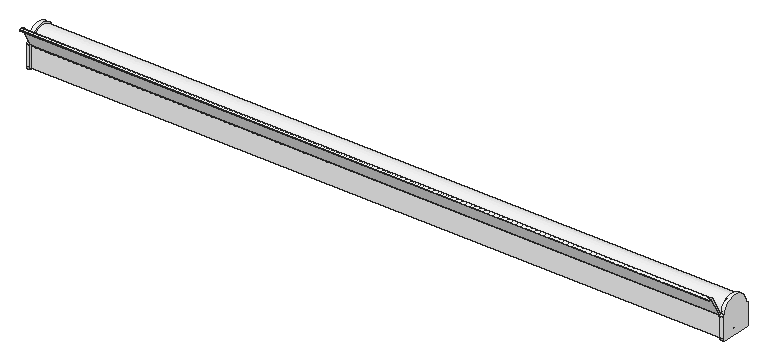
Revit family "0045181+0045236 Feilo Sylvania Lighting Fixture SYLBATTEN LED8 WW TP3 with ASYMMETRIC REFLECTOR ACCESSORY 1500MM", category Lighting Fixtures, host Face, Revit 2017
Family settings
  Host = Face
  Round Connector Dimension = Use Diameter
  Part Type = Normal
  OmniClass Number = 23.80.70.00
  OmniClass Title = Lighting
  Cut with Voids When Loaded = No
  Light Source = Yes
  Shared = No
  Room Calculation Point = No
Parameters (values of type "0045181 SYLBATTEN LED8 WW TP3")
  Width_FEILO = 66 mm
  Weight = "3.112 kg"
  Wattage Comments = "n/a"
  Wattage = 79 W
  WarrantyStartDate [instance] = "n/a"
  WarrantyGuarantorParts = "n/a"
  WarrantyDurationUnit = "n/a"
  WarrantyDurationParts = "n/a"
  WarrantyDescription = "n/a"
  built-in parameter 1150110 = 1 (stored number, unit not read)
  Voltage = 230 V
  URL = "http://www.sylvania-lighting.com"
  TypeName = "SYLBATTEN LED8 WW TP3"
  Type Image = <None>
  Type Comments = "n/a"
  built-in parameter 1114217 = 1 (stored number, unit not read)
  Tilt Angle = -90.00°
  built-in parameter 1150109 = 1 (stored number, unit not read)
  built-in parameter 1150134 = (empty or 0)
  SymReflector_FEILO = no
  built-in parameter 1150113 = 1 (stored number, unit not read)
  SerialNumber [instance] = "n/a"
  PowerFactor = 0
  PowerConsumption = "79 W"
  Photometric Web File = "0045181+0045236.ies"
  NominalLength = 1505 mm
  NominalHeight = 91 mm
  NominalDepth = 122 mm
  Name = "SYLBATTEN LED8 WW TP3"
  ModelReference = Name  # "SYLBATTEN LED8 WW TP3"
  ModelNumber = "0045181"
  Model = Name  # "SYLBATTEN LED8 WW TP3"
  Material_4_FEILO = Reflector-Sylvania-Sylbatten-White
  Material_3_FEILO = Diffuser-Sylvania-Sylbatten-Glow
  Material_2_FEILO = Body-Sylvania-Sylbatten-White
  Material_1_FEILO = Body-Sylvania-Sylbatten-White
  Material = "sheet steel housing, polycarbonate diffuser"
  ManufacturerName = "Feilo Sylvania"
  Manufacturer = "Feilo Sylvania"
  LuminousEfficacy = "91.89 lm/W"
  built-in parameter 1150105 = 577.68 (stored number, unit not read)
  Lumens = 7259.31 lm
  LuminaireType = ""
  built-in parameter 1150115 = 1 (stored number, unit not read)
  LightOutputRatio = "100"
  built-in parameter 1150137 = (empty or 0)
  built-in parameter 1150139 = (empty or 0)
  Length_FEILO = 1505 mm
  LampsType = Lamp  # "LED"
  LampNominalLuminous = "7260 lm"
  LampMacAdamStep = "n/a"
  LampColourTemperature = "3000 K"
  LampColourRenderingIndex = "80"
  built-in parameter 1150112 = 1 (stored number, unit not read)
  built-in parameter 1150114 = 1 (stored number, unit not read)
  Lamp = "LED"
  Keynote = "16500"
  InstallationDate [instance] = "n/a"
  InputVoltage = "220-240V~"
  InputNominalFrequency = "n/a"
  built-in parameter 1150132 = (empty or 0)
  built-in parameter 1150102 = (empty or 0)
  built-in parameter 1150107 = 3000 (stored number, unit not read)
  built-in parameter 1150138 = (empty or 0)
  IngressProtection = "IP20"
  ImpactProtectionIndex = "IK07"
  built-in parameter 1150106 = 5.7768 (stored number, unit not read)
  IfcExportType = "IfcLightFixtureType"
  IfcExportAs = "IfcLightFixtureType"
  Height_FEILO = 76 mm
  ExpectedLife = 50000
  Emit from Rectangle Width = Length_FEILO - 16 mm  # 1489 mm
  Emit from Rectangle Length = Width_FEILO - 40 mm  # 26 mm
  Emit Shape Visible in Rendering = no
  ElectricShockClassification = "Class I"
  built-in parameter 1150104 = 8.5369 (stored number, unit not read)
  DurationUnit = "hours"
  DocumentationLiterature = "http://www.sylvania-lighting.com/product/en-int/products/0045181"
  DimmingControlOptions = "n/a"
  Dimming Lamp Color Temperature Shift = <None>
  Description = "LED batten, T8 replacement, ease of installation through 2 part push-in design of the housing (safety cable included), through wiring capability (TP3 = 3 core), sheet steel, 7260M, 79W, 92lm/W, 3000K, drive current: 450mA, CRI 80, 138° wide beam angle, electronic driver (non dimmable), IP20, IK07, 50,000 hrs (L70), (LxWxH) 1505x66x76mm, 5 step MacAdam ellipse, 3.7kg, white RAL 9016, Class 1, 220-240V, energy class: A++, A+, A."
  Default Elevation = 1219.2 mm
  CreatedOn = "1/25/2018"
  CreatedBy = ""
  Cost = 0
  Color Filter = 16777215
  built-in parameter 1114216 [instance] = (empty or 0)
  ClassificationValue = "EF_70_80"
  ClassificationName = "Uniclass2015"
  CapOffset_FEILO = 2 mm
  BarCode [instance] = "n/a"
  built-in parameter 1114218 = 1 (stored number, unit not read)
  BackReflector_FEILO = and(not(AsymReflector_FEILO), SymReflector_FEILO)  # no
  built-in parameter 1150133 = 10 (stored number, unit not read)
  FrontReflector_FEILO = or(AsymReflector_FEILO, SymReflector_FEILO)  # yes
  AsymReflector_FEILO = yes
  AssetType = "Fixed"
  AssetIdentifier [instance] = "n/a"
  Assembly Code = "D5020200"
  Apparent Load = 79 VA
Reference planes
  plane 1 "Center (Front/Back)": y = 0
  plane 2: z = 0
  plane 3 "Center (Left/Right)": x = 0
  plane 4: x = 752.5
  plane 5: x = -752.5
  plane 6: y = 33
  plane 7: y = -33
  plane 8: z = 76
  plane 9: z = 47
  plane 10: y = -29
  plane 11: y = 29
  plane 12: z = 20
  plane 13: z = 74
  plane 14: y = -31
  plane 15: y = -27
  plane 16: y = 27
  plane 17: y = 31
  plane 18: z = 2
  plane 19: x = -744.5
  plane 20: x = 744.5
  plane 21: z = 49
  plane 22: y = 1
  plane 23: y = -1
  plane 24: z = 21
  plane 25: z = 19
  plane 26: y = -61
  plane 27: y = 61
  plane 28: y = -56
  plane 29: y = 56
  plane 30: z = 91
  plane 31: z = 88
Forms (mm)
  Extrusion 1, solid, material "Body-Sylvania-Sylbatten-White" <- "Material_2_FEILO"
    sketch origin (0, 0, 0) x (0, 1, 0) y (0, 0, 1)
      loop
        line (-31, 2) -> (31, 2) -> (31, 45)
        arc (31, 45) -> (30.414, 46.414) -> (29, 47) r 2
        line (29, 47) -> (27, 47)
        arc (27, 47) -> (0, 74) -> (-27, 47) r 27
        line (-27, 47) -> (-29, 47)
        arc (-29, 47) -> (-30.414, 46.414) -> (-31, 45) r 2
        line (-31, 45) -> (-31, 2)
    from -744.5 to 744.5
  Extrusion 2, solid, material "Body-Sylvania-Sylbatten-White" <- "Material_2_FEILO"
    sketch origin (752.5, 1524, 1219.2) x (0, 1, 0) y (0, 0, 1)
      loop
        arc (-1494, -1219.2) -> (-1491.879, -1218.321) -> (-1491, -1216.2) r 3
        line (-1491, -1216.2) -> (-1491, -1173.2)
        arc (-1491, -1173.2) -> (-1491.879, -1171.079) -> (-1494, -1170.2) r 3
        line (-1494, -1170.2) -> (-1495.069, -1170.2)
        arc (-1495.069, -1170.2) -> (-1524, -1143.2) -> (-1552.931, -1170.2) r 29
        line (-1552.931, -1170.2) -> (-1554, -1170.2)
        arc (-1554, -1170.2) -> (-1556.121, -1171.079) -> (-1557, -1173.2) r 3
        line (-1557, -1173.2) -> (-1557, -1216.2)
        arc (-1557, -1216.2) -> (-1556.121, -1218.321) -> (-1554, -1219.2) r 3
        line (-1554, -1219.2) -> (-1494, -1219.2)
      loop
        arc (-1525, -1189.25) -> (-1531.071, -1192.129) -> (-1533.95, -1198.2) r 10
        line (-1533.95, -1198.2) -> (-1532.944, -1198.2)
        arc (-1532.944, -1198.2) -> (-1530.364, -1192.836) -> (-1525, -1190.256) r 9
        line (-1525, -1190.256) -> (-1525, -1189.25)
      loop
        arc (-1523, -1190.256) -> (-1517.636, -1192.836) -> (-1515.056, -1198.2) r 9
        line (-1515.056, -1198.2) -> (-1514.05, -1198.2)
        arc (-1514.05, -1198.2) -> (-1516.929, -1192.129) -> (-1523, -1189.25) r 10
        line (-1523, -1189.25) -> (-1523, -1190.256)
      loop
        line (-1532.944, -1200.2) -> (-1533.95, -1200.2)
        arc (-1533.95, -1200.2) -> (-1531.071, -1206.271) -> (-1525, -1209.15) r 10
        line (-1525, -1209.15) -> (-1525, -1208.144)
        arc (-1525, -1208.144) -> (-1530.364, -1205.564) -> (-1532.944, -1200.2) r 9
      loop
        arc (-1515.056, -1200.2) -> (-1517.636, -1205.564) -> (-1523, -1208.144) r 9
        line (-1523, -1208.144) -> (-1523, -1209.15)
        arc (-1523, -1209.15) -> (-1516.929, -1206.271) -> (-1514.05, -1200.2) r 10
        line (-1514.05, -1200.2) -> (-1515.056, -1200.2)
    from 0 to -8
  Extrusion 3, solid, material "Body-Sylvania-Sylbatten-White" <- "Material_2_FEILO"
    sketch origin (-752.5, 1524, 1219.2) x (0, 1, 0) y (0, 0, 1)
      loop
        arc (-1495.069, -1170.2) -> (-1524, -1143.2) -> (-1552.931, -1170.2) r 29
        line (-1552.931, -1170.2) -> (-1554, -1170.2)
        arc (-1554, -1170.2) -> (-1556.121, -1171.079) -> (-1557, -1173.2) r 3
        line (-1557, -1173.2) -> (-1557, -1216.2)
        arc (-1557, -1216.2) -> (-1556.121, -1218.321) -> (-1554, -1219.2) r 3
        line (-1554, -1219.2) -> (-1494, -1219.2)
        arc (-1494, -1219.2) -> (-1491.879, -1218.321) -> (-1491, -1216.2) r 3
        line (-1491, -1216.2) -> (-1491, -1173.2)
        arc (-1491, -1173.2) -> (-1491.879, -1171.079) -> (-1494, -1170.2) r 3
        line (-1494, -1170.2) -> (-1495.069, -1170.2)
      loop
        line (-1533.95, -1198.2) -> (-1532.944, -1198.2)
        arc (-1532.944, -1198.2) -> (-1530.364, -1192.836) -> (-1525, -1190.256) r 9
        line (-1525, -1190.256) -> (-1525, -1189.25)
        arc (-1525, -1189.25) -> (-1531.071, -1192.129) -> (-1533.95, -1198.2) r 10
      loop
        line (-1523, -1189.25) -> (-1523, -1190.256)
        arc (-1523, -1190.256) -> (-1517.636, -1192.836) -> (-1515.056, -1198.2) r 9
        line (-1515.056, -1198.2) -> (-1514.05, -1198.2)
        arc (-1514.05, -1198.2) -> (-1516.929, -1192.129) -> (-1523, -1189.25) r 10
      loop
        line (-1514.05, -1200.2) -> (-1515.056, -1200.2)
        arc (-1515.056, -1200.2) -> (-1517.636, -1205.564) -> (-1523, -1208.144) r 9
        line (-1523, -1208.144) -> (-1523, -1209.15)
        arc (-1523, -1209.15) -> (-1516.929, -1206.271) -> (-1514.05, -1200.2) r 10
      loop
        line (-1525, -1209.15) -> (-1525, -1208.144)
        arc (-1525, -1208.144) -> (-1530.364, -1205.564) -> (-1532.944, -1200.2) r 9
        line (-1532.944, -1200.2) -> (-1533.95, -1200.2)
        arc (-1533.95, -1200.2) -> (-1531.071, -1206.271) -> (-1525, -1209.15) r 10
    from 0 to 8
  Extrusion 4, solid, material "Reflector-Sylvania-Sylbatten-White" <- "Material_4_FEILO", visible <- "FrontReflector_FEILO"
    sketch origin (0, 0, 0) x (0, 1, 0) y (0, 0, 1)
      loop
        line (-61.257, 88.429) -> (-60.743, 87.571) -> (-56.621, 90.044)
        arc (-56.621, 90.044) -> (-56.237, 90.099) -> (-55.929, 89.863) r 0.5
        line (-55.929, 89.863) -> (-31.435, 46.753) -> (-30.565, 47.247) -> (-55.312, 90.802)
        arc (-55.312, 90.802) -> (-55.928, 91.275) -> (-56.696, 91.165) r 1
        line (-56.696, 91.165) -> (-61.257, 88.429)
    from -744.5 to 744.5
  Extrusion 5, solid, material "Reflector-Sylvania-Sylbatten-White" <- "Material_4_FEILO", visible <- "BackReflector_FEILO"
    sketch origin (0, 0, 0) x (0, 1, 0) y (0, 0, 1)
      loop
        line (30.565, 47.247) -> (31.435, 46.753) -> (55.932, 89.868)
        arc (55.932, 89.868) -> (56.245, 90.112) -> (56.638, 90.062) r 0.518
        line (56.638, 90.062) -> (61.033, 87.565) -> (61.527, 88.435) -> (56.682, 91.188)
        arc (56.682, 91.188) -> (55.922, 91.282) -> (55.318, 90.812) r 1
        line (55.318, 90.812) -> (30.565, 47.247)
    from -744.5 to 744.5
Lines and regions (mm)
  reference lines
    curve 1: line (0, -61, 88) -> (0, -56, 91)
    curve 2: line (0, -56, 91) -> (0, -31, 47)
    curve 3: line (0, 31, 47) -> (0, 56, 91)
    curve 4: line (0, 56, 91) -> (0, 61.28, 88)
Dimensions and locks
  equal spacing: plane 5, plane 3 "Center (Left/Right)", plane 4
  equal spacing: plane 7, plane 1 "Center (Front/Back)", plane 6
  "Width_FEILO": plane 7 to plane 6
  "Length_FEILO": plane 5 to plane 4
  "Height_FEILO": plane 8 to plane 2
  locked: plane 9 to plane 8 at 29
  equal spacing: plane 10, plane 1 "Center (Front/Back)", plane 11
  locked: plane 7 to plane 10 at 4
  locked: plane 12 to plane 2 at 20
  "CapOffset_FEILO": plane 13 to plane 8
  "CapOffset_FEILO": plane 7 to plane 14
  "CapOffset_FEILO": plane 10 to plane 15
  "CapOffset_FEILO": plane 17 to plane 6
  "CapOffset_FEILO": plane 16 to plane 11
  "CapOffset_FEILO": plane 18 to plane 2
  locked: plane 14 to Extrusion 1 sketch curve at 2
  locked: Extrusion 1 sketch curve to plane 9 at 2  (x2)
  locked: plane 16 to Extrusion 1 sketch curve at 2
  equal spacing: plane 19, plane 3 "Center (Left/Right)", plane 20
  locked: plane 5 to plane 19 at 8
  "CapOffset_FEILO": plane 9 to plane 21
  locked: Extrusion 2 sketch curve to plane 2 at 47
  locked: Extrusion 1 sketch curve to plane 2 at 47
  locked: Extrusion 2 sketch curve to plane 2 at 3  (x2)
  locked: plane 7 to Extrusion 2 sketch curve at 3  (x2)
  locked: Extrusion 2 sketch curve to plane 6 at 3  (x2)
  locked: Extrusion 2 sketch curve to plane 21 at 3  (x2)
  equal spacing: plane 23, plane 1 "Center (Front/Back)", plane 22
  equal spacing: plane 25, plane 12, plane 24
  plane 30 to plane 31 to plane 2 = 3 mm locked, 88 mm locked
  plane 28 to plane 29 = 112 mm
  plane 26 to plane 27 = 122 mm
  aligned and locked: plane 2 to host face
  aligned and locked: level to host face
  aligned and locked: plane 18 to Extrusion 1 sketch curve
  aligned and locked: plane 14 to Extrusion 1 sketch curve
  aligned and locked: Extrusion 1 sketch curve to plane 9  (x2)
  aligned and locked: Extrusion 1 sketch curve to plane 17
  aligned and locked: plane 15 to Extrusion 1 sketch curve
  aligned and locked: plane 16 to Extrusion 1 sketch curve
  aligned and locked: plane 9 to Extrusion 1 sketch curve
  aligned and locked: plane 20 to Extrusion 1
  aligned and locked: level to Extrusion 2 sketch curve
  aligned and locked: Extrusion 2 sketch curve to plane 7
  aligned and locked: plane 21 to Extrusion 2 sketch curve
  aligned and locked: Extrusion 2 sketch curve to plane 21
  aligned and locked: plane 1 "Center (Front/Back)" to Extrusion 2 sketch curve  (x3)
  aligned and locked: Extrusion 2 to Extrusion 1
  aligned and locked: plane 4 to Extrusion 2
  aligned and locked: plane 12 to Extrusion 2 sketch curve  (x2)
  aligned and locked: Extrusion 2 sketch curve to plane 22
  aligned and locked: Extrusion 2 sketch curve to plane 23
  aligned and locked: Extrusion 2 sketch curve to plane 24
  aligned and locked: Extrusion 2 sketch curve to plane 25
  aligned and locked: plane 25 to Extrusion 2 sketch curve
  aligned and locked: plane 22 to Extrusion 2 sketch curve
  aligned and locked: plane 24 to Extrusion 2 sketch curve
  aligned and locked: plane 23 to Extrusion 2 sketch curve  (x2)
  aligned and locked: Extrusion 3 sketch curve to Extrusion 2  (x22)
  aligned and locked: Extrusion 3 to Extrusion 1
  aligned and locked: Extrusion 3 to plane 5
  aligned and locked: plane 19 to Extrusion 3
  aligned and locked: plane 31 to curve 1
  aligned and locked: plane 30 to curve 1
  aligned and locked: plane 14 to curve 2
  aligned and locked: plane 9 to curve 2
  aligned and locked: plane 17 to curve 3
  aligned and locked: plane 30 to curve 3
  aligned and locked: plane 31 to curve 4
  aligned and locked: Extrusion 4 sketch curve to curve 2
  aligned and locked: Extrusion 4 sketch curve to curve 1
  aligned and locked: Extrusion 4 to Extrusion 1
  aligned and locked: Extrusion 1 to Extrusion 4
  aligned and locked: imposter light to plane 1 "Center (Front/Back)"
  aligned and locked: imposter light to plane 3 "Center (Left/Right)"
  aligned and locked: imposter light to plane 13
  aligned and locked: Extrusion 5 sketch curve to curve 4
  aligned and locked: Extrusion 5 sketch curve to curve 3
  aligned and locked: Extrusion 1 to Extrusion 5
  aligned and locked: Extrusion 5 to Extrusion 1
Automatic sketch dimensions
  host sketch curve to host sketch curve = 2438.4 mm  (x2)
  Extrusion 2 sketch curve to Extrusion 2 sketch curve = 0 mm  (x14)
  Extrusion 2 sketch curve to plane 10 = 0.069 mm
  plane 23 to Extrusion 2 sketch curve = 8.95 mm
  Extrusion 2 sketch curve to Extrusion 2 sketch curve = 1.006 mm  (x4)
  Extrusion 2 sketch curve to plane 22 = 7.944 mm
  curve 1 to plane 26 = 0 mm
  curve 2 to plane 28 = 0 mm
  curve 4 to plane 29 = 0 mm
  plane 9 to curve 3 = 0 mm
  plane 26 to Extrusion 4 sketch curve = 0.257 mm
  Extrusion 4 sketch curve to plane 26 = 0.257 mm
  Extrusion 4 sketch curve to plane 30 = 0.165 mm
  plane 28 to Extrusion 4 sketch curve = 0.696 mm
  plane 28 to Extrusion 4 sketch curve = 0.621 mm
  plane 28 to Extrusion 4 sketch curve = 0.364 mm
  plane 28 to Extrusion 4 sketch curve = 0.182 mm
  Extrusion 4 sketch curve to plane 28 = 0.071 mm
  plane 30 to Extrusion 4 sketch curve = 0.198 mm
  Extrusion 4 sketch curve to plane 28 = 0.688 mm
  plane 9 to Extrusion 4 sketch curve = 0.247 mm
  plane 1 "Center (Front/Back)" to Extrusion 4 sketch curve = 31.435 mm
  Extrusion 5 sketch curve to plane 9 = 0.247 mm
  Extrusion 5 sketch curve to plane 1 "Center (Front/Back)" = 30.565 mm
  plane 9 to Extrusion 5 sketch curve = 0.247 mm
  plane 30 to Extrusion 5 sketch curve = 0.188 mm
  plane 29 to Extrusion 5 sketch curve = 0.068 mm
  Extrusion 5 sketch curve to plane 29 = 0.188 mm
  Extrusion 5 sketch curve to plane 29 = 0.382 mm
  Extrusion 5 sketch curve to Extrusion 5 sketch curve = 0.256 mm
  Extrusion 5 sketch curve to plane 30 = 0.188 mm
  Extrusion 5 sketch curve to plane 29 = 0.682 mm
  Extrusion 5 sketch curve to plane 27 = 0.033 mm
  Extrusion 5 sketch curve to plane 27 = 0.527 mm
Connectors
  electrical at (0, 0, 0), driven by "Apparent Load", driven by "PowerFactor", driven by "Voltage"
    settings: index 1, voltage 230 V, apparent load 79 VA, apparent load phase1 0 VA, apparent load phase2 0 VA, apparent load phase3 0 VA, power factor 0, load classification "Lighting", number of poles 1, system type 30, power factor state 1, is connector primary yes, connector utility no, sub classification motor no, connector description ""
